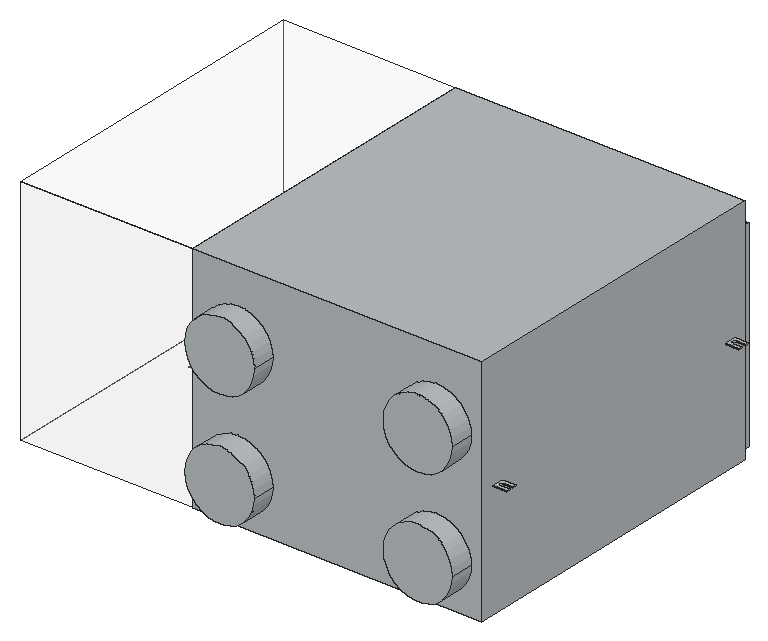
Revit family "lgh-n150_200rx4d_60Hz", category 機械設備, Revit 2019
Family settings
  丸型コネクタ寸法 = 直径を使用
  パーツ タイプ = 標準
  OmniClass 番号 = 23.75.10.34.21
  OmniClass タイトル = Heat Exchangers for Ventilation Air
  作業面ベース = いいえ
  常に垂直 = はい
  ロード時にボイドで切り取り = いいえ
  共有 = いいえ
  部屋計算ポイント = はい
Parameters (values of type "LGH-N150RX4D")
  騒音レベル(dB(A)) = 55
  風量 = 1500.0 m³/h
  面風速 = 8.5 m/s
  電源種別 [instance] = "一般"
  電圧 = 200 V
  電動機出力 = 0 W
  集中コントローラ = ""
  運転質量 = 0.00 kg
  連動 [instance] = ""
  質量 = if(製品質量 > 運転質量, 製品質量, 運転質量) * 1.2  # 144.00 kg
  負荷分類 = 3_ファン類
  説明 = "業務用ロスナイ 天井埋込形"
  設計風量 = 0.0 m³/h
  設置方法 = "天井吊(隠ぺい)形"
  記号 [instance] = ""
  製造元 = "MITSIBISHI ELECTRIC"
  製品質量 = 120.00 kg
  製品出荷対象 = "国内"
  製品リリース年月 = "2023/5/15"
  製品グループ = ""
  系統 [instance] = ""
  符号 = "HEU"
  積算_科目 = "1 空気調和設備"
  積算_拾い区分 [instance] = ""
  相 = 1
  盤記号 [instance] = ""
  発停方法 [instance] = ""
  特殊仕様 [instance] = ""
  点検口高さ = -Height  # -808 mm
  点検口離隔 = 150 mm
  点検口_Depth = 450 mm
  点検口 = yes
  火災停止 [instance] = ""
  温度交換効率 = 74.00%
  消費電力 = 1070 W
  法定耐用年数 = "15"
  機外静圧_排気 = 270.0 Pa
  機外静圧 = 270.0 Pa
  極数 = 3
  材質 [instance] = ""
  本体マテリアル = 溶融亜鉛めっき鋼板
  操作・制御方式 = ""
  操作・制御スイッチ = ""
  排気量 = 0.0 m³/h
  形式 = "天井埋込ダクト形"
  幹線記号 [instance] = ""
  対象室 [instance] = ""
  実風量 = 0.0 m³/h
  始動方式 [instance] = "直入"
  天吊金具_径 = 15 mm
  天吊金具_幅 = 30 mm
  外気量 = 設計風量  # 0.0 m³/h
  呼称 = "全熱交換ユニット"
  周波数 = 60 Hz
  天吊金具ピッチ2 = 1010 mm
  天吊金具ピッチ1 = 1045 mm
  天吊金具_高さ = 404 mm
  参照している仕様書等のバージョン = ""
  初期抵抗 = 0.0 Pa
  分類コード = "50052504100070"
  分類グループ = ""
  価格 = 1294000
  企業コード = "108420"
  付属品_フィルター_還気 = ""
  付属品_フィルター = ""
  付属品 [instance] = ""
  仕様書バージョン = "Version1.0"
  モデル = "LGH-N150RX4D"
  メンテナンススペース = yes
  ダクト高 = 700 mm
  ダクト径 = 250 mm
  ダクト幅 = 270 mm
  コメント [instance] = ""
  Keynote = ""
  エンタルピ交換効率_暖房 = 76.00%
  エンタルピ交換効率_冷房 = 66.00%
  Assembly Code = ""
  Width = 1004 mm
  Version = ""
  Uniclass2015Version = "Systems v1.9"
  Uniclass2015Title = "Thermal wheels"
  Uniclass2015Code = "Pr_60_60_36_88"
  URL = "https://www.mitsubishielectric.co.jp/ldg/wink/qr/002/324468/"
  SpecificationReference = ""
  SpecificationDescription = ""
  SMAX風量 = 1500.0 m³/h
  SMAX静圧 = 270.0 Pa
  SAサイズ_D = 242 mm
  Revision = ""
  RAサイズ_D = 242 mm
  ProductInformation = ""
  OmniClassCode = "23-27 23 19 11"
  OAサイズ_W = 270 mm
  OAサイズ_D = 700 mm
  MIN風量 = 680.0 m³/h
  MIN静圧 = 48.0 Pa
  MID風量 = 1130.0 m³/h
  MID静圧 = 133.0 Pa
  MAX風量 = 1500.0 m³/h
  MAX静圧 = 235.0 Pa
  IfcTypeProduct = ""
  IfcProduct = ""
  IfcExportType = "ROTARYWHEEL"
  IfcExportAs = "IfcAirToAirHeatRecoveryType"
  Height = 808 mm
  EAサイズ_W = 270 mm
  EAサイズ_D = 700 mm
  Duct_Pitch = 690 mm
  Duct_Height = 242 mm
  Duct_Depth_SA_RA = 79 mm
  Duct_Depth_OA_EA = 44 mm
  Depth = 1144 mm
  Clearance Top = 0 mm
  Clearance Left = 600 mm
  Clearance Bottom = 0 mm
  Box_Width = 115 mm
  Box_Height = 262 mm
  Box_H = 125 mm
  Box_Depth = 172 mm
  Box_D = 144 mm
  Author = "MITSUBISHI ELECTRIC"
Types (2, lengths in mm): name | 騒音レベル(dB(A)) | 風量 | 面風速 | 質量 | 製品質量 | 温度交換効率 | 消費電力 | 機外静圧_排気 | 機外静圧 | 天吊金具ピッチ1 | 価格 | モデル | エンタルピ交換効率_暖房 | エンタルピ交換効率_冷房 | Width | URL | SMAX風量 | SMAX静圧 | MIN風量 | MIN静圧 | MID風量 | MID静圧 | MAX風量 | MAX静圧 | Duct_Pitch
  LGH-N150RX4D | 55 | 1500.0 m³/h | 8.5 m/s | 144.00 kg | 120.00 kg | 74.00% | 1070 W | 270.0 Pa | 270.0 Pa | 1045 | 1294000 | "LGH-N150RX4D" | 76.00% | 66.00% | 1004 | "https://www.mitsubishielectric.co.jp/ldg/wink/qr/002/324468/" | 1500.0 m³/h | 270.0 Pa | 680.0 m³/h | 48.0 Pa | 1130.0 m³/h | 133.0 Pa | 1500.0 m³/h | 235.0 Pa | 690
  LGH-N200RX4D | 55.5 | 2000.0 m³/h | 11.3 m/s | 158.40 kg | 132.00 kg | 73.00% | 1390 W | 205.0 Pa | 205.0 Pa | 1272 | 1475000 | "LGH-N200RX4D" | 75.00% | 65.00% | 1231 | "https://www.mitsubishielectric.co.jp/ldg/wink/qr/002/324471/" | 2000.0 m³/h | 205.0 Pa | 730.0 m³/h | 17.0 Pa | 1360.0 m³/h | 58.0 Pa | 2000.0 m³/h | 125.0 Pa | 917
Reference planes
  plane 1 "中心(正面/背面)": y = 0
  plane 2: z = 0
  plane 3 "中心(左/右)": x = 0
  plane 4: x = -502
  plane 5: x = 502
  plane 6: y = 572
  plane 7: y = -572
  plane 8: z = -808
  plane 9: z = -242
  plane 10: x = -345
  plane 11: x = 345
  plane 12: y = -651
  plane 13: y = 616
  plane 14: x = -581
  plane 15: x = 581
  plane 16: x = -1102
  plane 17: y = -428
  plane 18: y = -256
  plane 19: z = -125
  plane 20: z = -387
  plane 21: x = -617
  plane 22: x = -652
  plane 23: y = 225
  plane 24: x = -522.5
  plane 25: x = 522.5
  plane 26: y = 505
  plane 27: y = -505
  plane 28: y = -225
  plane 29: x = -552.5
  plane 30: y = 525
  plane 31: y = 485
  plane 32: y = -485
  plane 33: y = -525
  plane 34: z = -5
  plane 35: z = -404
  plane 36: z = -407
  plane 37: x = 552.5
  plane 38: z = -404
  plane 39: x = 480
  plane 40: x = 210
  plane 41: x = -480
  plane 42: x = -210
  plane 43: z = -94
  plane 44: z = -794
  plane 45: z = -94
  plane 46: z = -794
  plane 47: z = -646
  plane 48: z = -529
  plane 49: z = -791
  plane 50: z = -444
  plane 51: z = 0
  plane 52: z = -808
Forms (mm)
  Extrusion 1, solid, material "溶融亜鉛めっき鋼板" <- "本体マテリアル", detail levels fine
    sketch origin (0, 0, 0) x (1, 0, 0) y (0, 1, 0)
      loop
        line (-502, 572) -> (-502, -572) -> (502, -572) -> (502, 572) -> (-502, 572)
    from 0 to -808
  Extrusion 2, solid, material "溶融亜鉛めっき鋼板" <- "本体マテリアル", detail levels fine
    sketch origin (502, -572, 0) x (-1, 0, 0) y (0, 0, -1)
      loop
        circle (847, 242) r 121
    from 0 to 79
  Extrusion 3, solid, material "溶融亜鉛めっき鋼板" <- "本体マテリアル", detail levels fine
    sketch origin (510, -445, 0) x (-1, 0, 0) y (0, 0, -1)
      loop
        circle (165, 242) r 121
    from 127 to 206
  Extrusion 4, solid, material "溶融亜鉛めっき鋼板" <- "本体マテリアル", detail levels fine
    sketch origin (-502, -572, 0) x (0, 1, 0) y (0, 0, -1)
      loop
        line (316, 125) -> (316, 387) -> (144, 387) -> (144, 125) -> (316, 125)
      loop
        line (316, 529) -> (316, 791) -> (144, 791) -> (144, 529) -> (316, 529)
    from 0 to 115
  Extrusion 5, solid, material "溶融亜鉛めっき鋼板" <- "本体マテリアル", detail levels fine
    sketch origin (0, 0, 0) x (1, 0, 0) y (0, 1, 0)
      loop
        line (-552.5, 525) -> (-552.5, 512.5) -> (-522.5, 512.5)
        arc (-522.5, 512.5) -> (-515, 505) -> (-522.5, 497.5) r 7.5
        line (-522.5, 497.5) -> (-552.5, 497.5) -> (-552.5, 485) -> (-502, 485) -> (-502, 525) -> (-552.5, 525)
    from -404 to -407
  Extrusion 6, solid, material "溶融亜鉛めっき鋼板" <- "本体マテリアル", detail levels fine
    sketch origin (0, 0, 0) x (1, 0, 0) y (0, 1, 0)
      loop
        line (-552.5, -525) -> (-502, -525) -> (-502, -485) -> (-552.5, -485) -> (-552.5, -497.5) -> (-522.5, -497.5)
        arc (-522.5, -497.5) -> (-515, -505) -> (-522.5, -512.5) r 7.5
        line (-522.5, -512.5) -> (-552.5, -512.5) -> (-552.5, -525)
    from -404 to -407
  Extrusion 7, solid, material "溶融亜鉛めっき鋼板" <- "本体マテリアル", detail levels fine
    sketch origin (0, 0, 0) x (-1, 0, 0) y (0, -1, 0)
      loop
        line (-552.5, 525) -> (-552.5, 512.5) -> (-522.5, 512.5)
        arc (-522.5, 512.5) -> (-515, 505) -> (-522.5, 497.5) r 7.5
        line (-522.5, 497.5) -> (-552.5, 497.5) -> (-552.5, 485) -> (-502, 485) -> (-502, 525) -> (-552.5, 525)
    from -404 to -407
  Extrusion 8, solid, material "溶融亜鉛めっき鋼板" <- "本体マテリアル", detail levels fine
    sketch origin (0, 0, 0) x (-1, 0, 0) y (0, -1, 0)
      loop
        line (-552.5, -525) -> (-502, -525) -> (-502, -485) -> (-552.5, -485) -> (-552.5, -497.5) -> (-522.5, -497.5)
        arc (-522.5, -497.5) -> (-515, -505) -> (-522.5, -512.5) r 7.5
        line (-522.5, -512.5) -> (-552.5, -512.5) -> (-552.5, -525)
    from -404 to -407
  Extrusion 9, solid, material "溶融亜鉛めっき鋼板" <- "本体マテリアル", detail levels fine
    sketch origin (0, 0, 0) x (1, 0, 0) y (0, 0, 1)
      loop
        circle (-345, -646) r 121
    from 572 to 651
  Extrusion 10, solid, material "溶融亜鉛めっき鋼板" <- "本体マテリアル", detail levels fine
    sketch origin (0, 0, 0) x (1, 0, 0) y (0, 0, 1)
      loop
        circle (345, -646) r 121
    from 572 to 651
  Extrusion 11, solid, material "溶融亜鉛めっき鋼板" <- "本体マテリアル", detail levels fine
    sketch origin (0, 0, 0) x (1, 0, 0) y (0, 0, 1)
      loop
        line (480, -794) -> (480, -94) -> (210, -94) -> (210, -794) -> (480, -794)
    from -616 to -572
  Extrusion 12, solid, material "溶融亜鉛めっき鋼板" <- "本体マテリアル", detail levels fine
    sketch origin (0, 0, 0) x (1, 0, 0) y (0, 0, 1)
      loop
        line (-480, -794) -> (-210, -794) -> (-210, -94) -> (-480, -94) -> (-480, -794)
    from -616 to -572
Lines and regions (mm)
  Masking region 1, detail levels coarse+medium
    outline origin (1326.5, 29, 0) x (1, 0, 0) y (0, 1, 0)
      loop
        line (-1828.5, 543) -> (-1828.5, -601) -> (-824.5, -601) -> (-824.5, 543) -> (-1828.5, 543)
  symbolic lines, detail levels coarse+medium
    curve 1: line (0, 572, 0) -> (-502, 0, 0)
    curve 2: line (-502, 0, 0) -> (0, -572, 0)
    curve 3: line (0, -572, 0) -> (502, 0, 0)
    curve 4: line (502, 0, 0) -> (0, 572, 0)
Dimensions and locks
  equal spacing: plane 4, plane 3 "中心(左/右)", plane 5
  "Width": plane 4 to plane 5
  equal spacing: plane 6, plane 1 "中心(正面/背面)", plane 7
  "Depth": plane 6 to plane 7
  "Height": level to plane 8
  "Duct_Height": level to plane 9
  equal spacing: plane 11, plane 3 "中心(左/右)", plane 10
  "Duct_Pitch": plane 11 to plane 10
  "Duct_Depth_OA_EA": plane 13 to plane 6
  "Duct_Depth_SA_RA": plane 7 to plane 12
  "Duct_Depth_SA_RA": plane 5 to plane 15
  "Duct_Depth_SA_RA": plane 14 to plane 4
  "Clearance Left": plane 16 to plane 4
  "Box_H": level to plane 19
  "Box_Height": plane 19 to plane 20
  "Box_D": plane 17 to plane 7
  "Box_Depth": plane 18 to plane 17
  "Box_Width": plane 21 to plane 4
  "点検口離隔": plane 22 to plane 4
  equal spacing: plane 24, plane 3 "中心(左/右)", plane 25
  "天吊金具ピッチ1": plane 24 to plane 25
  equal spacing: plane 26, plane 1 "中心(正面/背面)", plane 27
  "天吊金具ピッチ2": plane 26 to plane 27
  equal spacing: plane 23, plane 1 "中心(正面/背面)", plane 28
  "点検口_Depth": plane 23 to plane 28
  equal spacing: plane 30, plane 26, plane 31
  locked: plane 30 to plane 31 at 40
  "天吊金具_幅": plane 29 to plane 24
  "天吊金具_高さ": level to plane 35
  locked: plane 35 to plane 36 at 3
  equal spacing: plane 32, plane 27, plane 33
  locked: plane 32 to plane 33 at 40
  "天吊金具_幅": plane 25 to plane 37
  equal spacing: plane 8, plane 38, level
  equal spacing: plane 40, plane 11, plane 39
  "EAサイズ_W": plane 40 to plane 39
  equal spacing: plane 42, plane 10, plane 41
  "OAサイズ_W": plane 42 to plane 41
  "EAサイズ_D": plane 44 to plane 43
  "OAサイズ_D": plane 46 to plane 45
  "Duct_Height": plane 38 to plane 47
  "Box_H": plane 38 to plane 48
  "Box_Height": plane 48 to plane 49
  locked: plane 50 to plane 38 at 40
  equal spacing: plane 44, plane 50, plane 43
  equal spacing: plane 46, plane 50, plane 45
  "Clearance Top": plane 51 to level
  "Clearance Bottom": plane 8 to plane 52
  "RAサイズ_D": diameter of Extrusion 3 sketch curve
  "SAサイズ_D": diameter of Extrusion 9 sketch curve
  "RAサイズ_D": diameter of Extrusion 10 sketch curve
  "SAサイズ_D": diameter of Extrusion 2 sketch curve
  "天吊金具_径": diameter of Extrusion 6 sketch curve
  "天吊金具_径": diameter of Extrusion 7 sketch curve
  "天吊金具_径": diameter of Extrusion 8 sketch curve
  "天吊金具_径": diameter of Extrusion 5 sketch curve
  aligned and locked: level to plane 2
  aligned and locked: Extrusion 1 to plane 8
  aligned and locked: Extrusion 2 to plane 12
  aligned and locked: plane 7 to Extrusion 2
  aligned and locked: plane 7 to Extrusion 3
  aligned and locked: Extrusion 3 to plane 12
  aligned and locked: plane 16 to nested 1
  aligned and locked: plane 4 to nested 1
  aligned and locked: nested 1 to plane 6
  aligned and locked: nested 1 to plane 7
  aligned and locked: Extrusion 4 to plane 21
  aligned and locked: plane 4 to Extrusion 4
  aligned and locked: Masking region 1 to plane 4
  aligned and locked: plane 5 to Masking region 1
  aligned and locked: plane 6 to Masking region 1
  aligned and locked: Masking region 1 to plane 7
  aligned and locked: plane 25 to nested 2
  aligned and locked: plane 24 to nested 2
  aligned and locked: nested 2 to plane 27
  aligned and locked: plane 26 to nested 2
  aligned and locked: Extrusion 4 to plane 18
  aligned and locked: Extrusion 4 to plane 20
  aligned and locked: plane 19 to Extrusion 4
  aligned and locked: plane 17 to Extrusion 4
  aligned and locked: plane 22 to nested 3
  aligned and locked: plane 16 to nested 3
  aligned and locked: plane 23 to nested 3
  aligned and locked: nested 3 to plane 28
  aligned and locked: plane 29 to Extrusion 5 sketch curve  (x2)
  aligned and locked: Extrusion 5 sketch curve to plane 4
  aligned and locked: plane 31 to Extrusion 5 sketch curve
  aligned and locked: Extrusion 5 sketch curve to plane 30
  aligned and locked: Extrusion 5 to plane 35
  aligned and locked: Extrusion 5 to plane 36
  aligned and locked: Extrusion 6 sketch curve to plane 29  (x2)
  aligned and locked: plane 32 to Extrusion 6 sketch curve
  aligned and locked: Extrusion 6 sketch curve to plane 33
  aligned and locked: plane 4 to Extrusion 6 sketch curve
  aligned and locked: plane 35 to Extrusion 6
  aligned and locked: Extrusion 6 to plane 36
  aligned and locked: plane 37 to Extrusion 7 sketch curve  (x2)
  aligned and locked: Extrusion 7 sketch curve to plane 32
  aligned and locked: plane 33 to Extrusion 7 sketch curve
  aligned and locked: plane 5 to Extrusion 7 sketch curve
  aligned and locked: Extrusion 7 to plane 36
  aligned and locked: plane 35 to Extrusion 7
  aligned and locked: Extrusion 8 sketch curve to plane 37  (x2)
  aligned and locked: Extrusion 8 sketch curve to plane 31
  aligned and locked: plane 30 to Extrusion 8 sketch curve
  aligned and locked: Extrusion 8 sketch curve to plane 5
  aligned and locked: plane 35 to Extrusion 8
  aligned and locked: Extrusion 8 to plane 36
  aligned and locked: Extrusion 9 to plane 12
  aligned and locked: plane 7 to Extrusion 9
  aligned and locked: Extrusion 10 to plane 12
  aligned and locked: plane 7 to Extrusion 10
  aligned and locked: plane 44 to Extrusion 11 sketch curve
  aligned and locked: plane 39 to Extrusion 11 sketch curve
  aligned and locked: Extrusion 11 sketch curve to plane 43
  aligned and locked: Extrusion 11 sketch curve to plane 40
  aligned and locked: Extrusion 12 sketch curve to plane 46
  aligned and locked: Extrusion 12 sketch curve to plane 41
  aligned and locked: plane 45 to Extrusion 12 sketch curve
  aligned and locked: plane 42 to Extrusion 12 sketch curve
  aligned and locked: plane 13 to Extrusion 12
  aligned and locked: Extrusion 12 to plane 6
  aligned and locked: plane 13 to Extrusion 11
  aligned and locked: Extrusion 11 to plane 6
  aligned and locked: Extrusion 4 sketch curve to plane 48
  aligned and locked: plane 18 to Extrusion 4 sketch curve
  aligned and locked: plane 49 to Extrusion 4 sketch curve
  aligned and locked: Extrusion 4 sketch curve to plane 17
  aligned and locked: plane 52 to nested 1
  aligned and locked: plane 51 to nested 1
Automatic sketch dimensions
  plane 1 "中心(正面/背面)" to curve 1 = 0 mm
  curve 1 to plane 4 = 0 mm
  curve 2 to plane 3 "中心(左/右)" = 0 mm
  curve 4 to plane 3 "中心(左/右)" = 0 mm
  plane 1 "中心(正面/背面)" to curve 4 = 0 mm
  curve 4 to plane 5 = 0 mm
  curve 2 to plane 7 = 0 mm
  curve 4 to plane 6 = 0 mm
  Extrusion 1 sketch curve to plane 4 = 0 mm
  Extrusion 1 sketch curve to plane 5 = 0 mm
  Extrusion 1 sketch curve to plane 7 = 0 mm
  Extrusion 1 sketch curve to plane 6 = 0 mm
  Extrusion 3 sketch curve to plane 9 = 0 mm
  Extrusion 3 sketch curve to plane 11 = 0 mm
  Masking region 1 sketch curve to plane 4 = 0 mm
  Masking region 1 sketch curve to plane 5 = 0 mm
  Masking region 1 sketch curve to plane 7 = 0 mm
  Masking region 1 sketch curve to plane 6 = 0 mm
  Extrusion 9 sketch curve to plane 10 = 0 mm
  Extrusion 9 sketch curve to plane 47 = 0 mm
  Extrusion 10 sketch curve to plane 11 = 0 mm
  Extrusion 10 sketch curve to plane 47 = 0 mm
  Extrusion 5 sketch curve to plane 24 = 0 mm
  Extrusion 5 sketch curve to plane 26 = 0 mm
  Extrusion 6 sketch curve to plane 24 = 0 mm
  Extrusion 6 sketch curve to plane 27 = 0 mm
  Extrusion 7 sketch curve to plane 25 = 0 mm
  Extrusion 7 sketch curve to plane 27 = 0 mm
  Extrusion 8 sketch curve to plane 25 = 0 mm
  Extrusion 8 sketch curve to plane 26 = 0 mm
  Extrusion 1 to Extrusion 2 sketch curve = 157 mm
  Extrusion 1 to Extrusion 2 sketch curve = 242 mm
  Extrusion 4 sketch curve to Extrusion 1 = 144 mm
  Extrusion 4 sketch curve to Extrusion 4 sketch curve = 172 mm
  Extrusion 4 sketch curve to Extrusion 4 sketch curve = 142 mm
  Extrusion 1 to Extrusion 4 sketch curve = 125 mm
Nested families
  nested 1: "メンテナンススペース" at (-802, 0, -404), visible <- "メンテナンススペース", type "メンテナンススペース"
    with Width 600 mm, Height 808 mm, Depth 1144 mm
  nested 2: "固定点" at (-522.5, -505, 0), type "固定点"
    with W 1045 mm, D 1010 mm
  nested 3: "点検口設置範囲" at (-877, 0, -808), built-in parameter 1001364 <- "点検口高さ", visible <- "点検口", type "点検口設置範囲"
    with Width 450 mm, Depth 450 mm
Connectors
  hvac at (-345, -651, -242), driven by "ダクト径", driven by "機外静圧", driven by "風量"
    settings: on Extrusion 2, index 1, duct flow 1500.0 m³/h, flow factor 0, pres drop 270.0 Pa, loss coef 0, conn angle 0.00°, conn width 304.8 mm, conn height 304.8 mm, conn diameter 250 mm, duct sys type 1, conn prof type 0, flow config 0, flow direction 2, loss method 4, conn ref index -1, conn util no, is conn primary yes, conn desc ""
  hvac at (345, -651, -242), driven by "ダクト径", driven by "機外静圧", driven by "風量"
    settings: on Extrusion 3, index 2, duct flow 1500.0 m³/h, flow factor 0, pres drop 270.0 Pa, loss coef 0, conn angle 0.00°, conn width 304.8 mm, conn height 304.8 mm, conn diameter 250 mm, duct sys type 2, conn prof type 0, flow config 0, flow direction 1, loss method 4, conn ref index -1, conn util no, is conn primary no, conn desc ""
  electrical at (-559.5, -428, -256), driven by "負荷分類", driven by "極数", driven by "電圧", driven by "消費電力"
    settings: on Extrusion 4, index 7, voltage 200 V, apparent load 1070 VA, apparent load phase1 0 VA, apparent load phase2 0 VA, apparent load phase3 0 VA, power factor 1, load classification "3_ファン類", number of poles 3, system type 30, power factor state 1, is connector primary yes, connector utility no, sub classification motor no, connector description ""
  hvac at (-345, -651, -646), driven by "ダクト径", driven by "機外静圧", driven by "風量"
    settings: on Extrusion 9, index 8, duct flow 1500.0 m³/h, flow factor 0, pres drop 270.0 Pa, loss coef 0, conn angle 0.00°, conn width 304.8 mm, conn height 304.8 mm, conn diameter 250 mm, duct sys type 1, conn prof type 0, flow config 0, flow direction 2, loss method 4, conn ref index -1, conn util no, is conn primary no, conn desc ""
  hvac at (345, -651, -646), driven by "ダクト径", driven by "機外静圧", driven by "風量"
    settings: on Extrusion 10, index 9, duct flow 1500.0 m³/h, flow factor 0, pres drop 270.0 Pa, loss coef 0, conn angle 0.00°, conn width 304.8 mm, conn height 304.8 mm, conn diameter 250 mm, duct sys type 2, conn prof type 0, flow config 0, flow direction 1, loss method 4, conn ref index -1, conn util no, is conn primary no, conn desc ""
  hvac at (345, 616, -444), driven by "ダクト高", driven by "ダクト幅", driven by "機外静圧_排気", driven by "排気量"
    settings: on Extrusion 11, index 10, duct flow 0.0 m³/h, flow factor 0, pres drop 270.0 Pa, loss coef 0, conn angle 0.00°, conn width 270 mm, conn height 700 mm, conn diameter 609.6 mm, duct sys type 3, conn prof type 1, flow config 0, flow direction 2, loss method 4, conn ref index -1, conn util no, is conn primary no, conn desc ""
  hvac at (-345, 616, -444), driven by "ダクト幅", driven by "ダクト高", driven by "機外静圧", driven by "風量"
    settings: on Extrusion 12, index 11, duct flow 1500.0 m³/h, flow factor 0, pres drop 270.0 Pa, loss coef 0, conn angle 0.00°, conn width 270 mm, conn height 700 mm, conn diameter 609.6 mm, duct sys type 4, conn prof type 1, flow config 0, flow direction 1, loss method 4, conn ref index -1, conn util no, is conn primary no, conn desc ""
Definition of nested family "メンテナンススペース"
  Parameters (values of type "メンテナンススペース")
    Width [instance] = 500 mm
    Height [instance] = 500 mm
    Depth [instance] = 500 mm
  Reference planes
    plane 1 "中心(正面/背面)": y = 0
    plane 2: z = 0
    plane 3 "中心(左/右)": x = 0
    plane 4: y = -250
    plane 5: x = 250
    plane 6: y = 250
    plane 7: x = -250
    plane 8: z = 250
    plane 9: z = -250
  Forms (mm)
    Extrusion 1, solid
      sketch origin (-638.939, 0, 72.39) x (1, 0, 0) y (0, 1, 0)
        loop
          line (388.939, 250) -> (388.939, -250) -> (888.939, -250) -> (888.939, 250) -> (388.939, 250)
      from -322.39 to 177.61
  Lines and regions (mm)
    symbolic lines
      curve 1: line (-250, 0, 250) -> (250, 0, 250)
      curve 2: line (-250, 0, -250) -> (-250, 0, 250)
      curve 3: line (250, 0, -250) -> (-250, 0, -250)
      curve 4: line (250, 0, 250) -> (250, 0, -250)
      curve 5: line (0, -250, 250) -> (0, 250, 250)
      curve 6: line (0, -250, -250) -> (0, -250, 250)
      curve 7: line (0, 250, -250) -> (0, -250, -250)
      curve 8: line (0, 250, 250) -> (0, 250, -250)
      curve 9: line (-250, 250, 0) -> (250, 250, 0)
      curve 10: line (-250, -250, 0) -> (-250, 250, 0)
      curve 11: line (250, -250, 0) -> (-250, -250, 0)
      curve 12: line (250, 250, 0) -> (250, -250, 0)
  Dimensions and locks
    equal spacing: plane 7, plane 3 "中心(左/右)", plane 5
    equal spacing: plane 4, plane 1 "中心(正面/背面)", plane 6
    "Depth": plane 4 to plane 6
    "Width": plane 7 to plane 5
    equal spacing: plane 8, plane 2, plane 9
    "Height": plane 8 to plane 9
    aligned and locked: plane 9 to curve 3
    aligned and locked: plane 7 to curve 2
    aligned and locked: curve 4 to plane 5
    aligned and locked: plane 5 to Extrusion 1
    aligned and locked: Extrusion 1 to plane 7
    aligned and locked: Extrusion 1 to plane 9
    aligned and locked: plane 8 to Extrusion 1
    aligned and locked: plane 9 to curve 7
  Automatic sketch dimensions
    plane 4 to Extrusion 1 sketch curve = 0 mm
    Extrusion 1 sketch curve to plane 7 = 0 mm
    Extrusion 1 sketch curve to plane 5 = 0 mm
    plane 6 to Extrusion 1 sketch curve = 0 mm
    curve 2 to plane 8 = 0 mm
    plane 4 to curve 11 = 0 mm
    curve 11 to plane 7 = 0 mm
    curve 11 to plane 5 = 0 mm
    plane 6 to curve 10 = 0 mm
    curve 7 to plane 4 = 0 mm
    curve 7 to plane 6 = 0 mm
    curve 6 to plane 8 = 0 mm
Definition of nested family "固定点"
  Parameters (values of type "固定点")
    中心円 = 20 mm
    W [instance] = 1000 mm
    D [instance] = 1000 mm
  Reference planes
    plane 1 "中心(正面/背面)": y = 0
    plane 2: z = 0
    plane 3 "中心(左/右)": x = 0
    plane 4: x = 1000
    plane 5: y = 1000
  Lines and regions (mm)
    symbolic lines, detail levels fine
      curve 1: circle (0, 1000, 0) r 10 normal (0, 0, 1)
      curve 2: circle (0, 0, 0) r 10 normal (0, 0, 1)
      curve 3: circle (1000, 1000, 0) r 10 normal (0, 0, 1)
      curve 4: circle (1000, 0, 0) r 10 normal (0, 0, 1)
      curve 5: line (-200, 1000, 0) -> (1200, 1000, 0)
      curve 6: line (-200, 0, 0) -> (1200, 0, 0)
      curve 7: line (0, 1200, 0) -> (0, -200, 0)
      curve 8: line (1000, 1200, 0) -> (1000, -200, 0)
  Dimensions and locks
    "W": plane 3 "中心(左/右)" to plane 4
    "D": plane 1 "中心(正面/背面)" to plane 5
    "中心円": diameter of curve 1
    "中心円": diameter of curve 2
    "中心円": diameter of curve 3
    "中心円": diameter of curve 4
    aligned and locked: level to plane 2
    aligned and locked: plane 5 to curve 1
    aligned and locked: plane 3 "中心(左/右)" to curve 1
    aligned and locked: plane 3 "中心(左/右)" to curve 2
    aligned and locked: plane 1 "中心(正面/背面)" to curve 2
    aligned and locked: plane 4 to curve 3
    aligned and locked: plane 5 to curve 3
    aligned and locked: plane 1 "中心(正面/背面)" to curve 4
    aligned and locked: plane 4 to curve 4
    aligned and locked: plane 1 "中心(正面/背面)" to curve 6
    aligned and locked: curve 7 to plane 3 "中心(左/右)"
    aligned and locked: curve 8 to plane 4
  Automatic sketch dimensions
    curve 5 to plane 5 = 0 mm
    curve 6 to plane 3 "中心(左/右)" = 200 mm
    curve 5 to plane 3 "中心(左/右)" = 200 mm
    curve 4 to curve 6 = 200 mm
    curve 3 to curve 5 = 200 mm
    plane 1 "中心(正面/背面)" to curve 8 = 200 mm
    plane 1 "中心(正面/背面)" to curve 7 = 200 mm
    curve 3 to curve 8 = 200 mm
    curve 1 to curve 7 = 200 mm
Definition of nested family "点検口設置範囲"
  Parameters (values of type "点検口設置範囲")
    Width [instance] = 1000 mm
    Depth [instance] = 700 mm
  Reference planes
    plane 1 "中心(正面/背面)": y = 0
    plane 2: z = 0
    plane 3 "中心(左/右)": x = 0
    plane 4: x = -500
    plane 5: x = 500
    plane 6: y = -350
    plane 7: y = 350
  Lines and regions (mm)
    model lines
      curve 1: line (-500, 350, 0) -> (500, 350, 0)
      curve 2: line (-500, -350, 0) -> (-500, 350, 0)
      curve 3: line (500, -350, 0) -> (-500, -350, 0)
      curve 4: line (500, 350, 0) -> (500, -350, 0)
  Dimensions and locks
    "Depth": plane 7 to plane 6
    "Width": plane 4 to plane 5
    equal spacing: plane 7, plane 1 "中心(正面/背面)", plane 6
    equal spacing: plane 4, plane 3 "中心(左/右)", plane 5
    aligned and locked: level to plane 2
    aligned and locked: plane 4 to curve 2
    aligned and locked: curve 1 to plane 7
    aligned and locked: curve 4 to plane 5
    aligned and locked: plane 6 to curve 3
